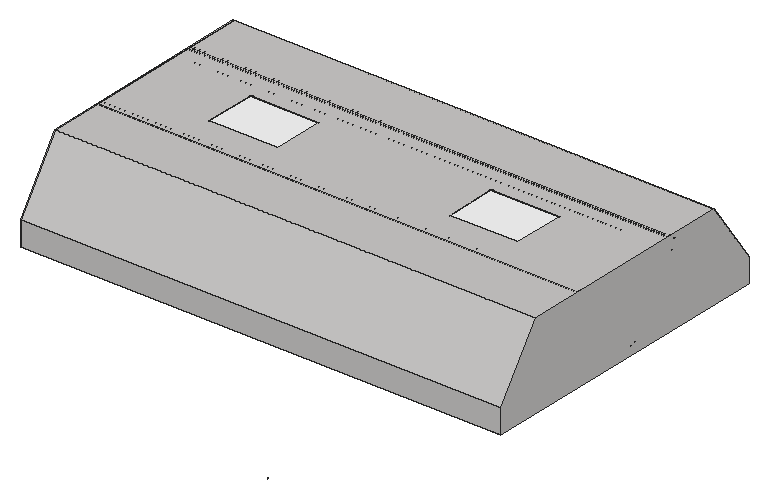
Revit family "QF_ELECTROLUXPROFESSIONAL_642360_BC1828DT", category Specialty Equipment, Revit 2014
Reference planes
  plane 1: z = 0
  plane 2 "Center (Left/Right)": x = 150
  plane 3 "LEFT": x = -1250
  plane 4 "RIGHT": x = 1550
  plane 5 "BACK": y = 550
  plane 6 "TOP": z = 2500
  plane 7 "Base": z = 2000
  plane 8: z = 1946
  plane 9: x = -1247
  plane 10 "DrainX": x = 1399
  plane 11 "AOLeft2": x = -350
  plane 12 "AORight1": x = 650
  plane 13: x = 1547
  plane 14: x = -1050
  plane 15: x = 1350
  plane 16: x = 50
  plane 17: x = 250
  plane 18 "AOLeft1": x = -750
  plane 19 "AORight2": x = 1050
  plane 20: y = -200
  plane 21: y = -500
  plane 22 "Center (Front/Back)": y = -350
  plane 23: y = -1250
  plane 24: through (0, -401.379, 2046.209) normal (0, 0.8019, 0.5974)
  plane 25: through (0, -298.621, 2046.209) normal (0, 0.8019, -0.5974)
  plane 26: z = 2140
Forms (mm)
  Extrusion 1, solid, material "QF_Finishes_Stainless Steel"
    sketch origin (-1250, 0, 360) x (0, 1, 0) y (0, 0, 1)
      loop
        line (550, 1640) -> (550, 1780) -> (299.446, 2140) -> (-999.446, 2140) -> (-1250, 1780) -> (-1250, 1640) -> (550, 1640)
    from 0 to 3
  Extrusion 2, solid, material "QF_Finishes_Stainless Steel"
    sketch origin (1550, 0, 360) x (0, 1, 0) y (0, 0, 1)
      loop
        line (550, 1640) -> (550, 1780) -> (299.446, 2140) -> (-999.446, 2140) -> (-1250, 1780) -> (-1250, 1640) -> (550, 1640)
    from 0 to -3
  Extrusion 3, solid, material "QF_Finishes_Stainless Steel"
    sketch origin (150, 0, 360) x (0, 1, 0) y (0, 0, 1)
      loop
        line (-999.446, 2140) -> (-1250, 1780) -> (-1250, 1640) -> (-1240, 1640) -> (-1240, 1640.8) -> (-1249.2, 1640.8) -> (-1249.2, 1779.739) -> (-999.025, 2139.19) -> (299.025, 2139.19) -> (549.2, 1779.739) -> (549.2, 1640.8) -> (540, 1640.8) -> (540, 1640) -> (550, 1640) -> (550, 1780) -> (299.446, 2140) -> (-999.446, 2140)
    from -1400 to 1400
  Extrusion 4, void
    sketch origin (0, 0, 2500) x (0, 1, 0) y (-1, 0, 0)
      loop
        line (-200, 350) -> (-200, 750) -> (-500, 750) -> (-500, 350) -> (-200, 350)
    from 0 to -10
  Extrusion 5, solid, material "QF_Finishes_Stainless Steel"
    sketch origin (0, 0, 0) x (1, 0, 0) y (0, 1, 0)
      loop
        line (-1250, 550) -> (-1250, 549) -> (-1249, 549) -> (-1249, 550) -> (-1250, 550)
    from 0 to 1
  Extrusion 6, solid, material "QF_Finishes_Stainless Steel"
    sketch origin (150, -400, 360) x (0, 1, 0) y (0, 0, 1)
      loop
        line (-298.883, 2085.553) -> (-1.379, 1686.209) -> (14.66, 1698.157) -> (-282.844, 2097.501) -> (-298.883, 2085.553)
      loop
        line (398.883, 2085.553) -> (382.844, 2097.501) -> (85.34, 1698.157) -> (101.379, 1686.209) -> (398.883, 2085.553)
    from -1200 to -1397
  Extrusion 7, solid, material "QF_Finishes_Stainless Steel"
    sketch origin (150, -400, 360) x (0, 1, 0) y (0, 0, 1)
      loop
        arc (116.056, 1704.554) -> (115.455, 1704.706) -> (114.923, 1704.389) r 0.81
        line (114.923, 1704.389) -> (100.465, 1684.991) -> (83.389, 1687.002) -> (86.391, 1712.615) -> (85.593, 1712.708) -> (82.594, 1687.095)
        arc (82.594, 1687.095) -> (82.763, 1686.499) -> (83.305, 1686.197) r 0.81
        line (83.305, 1686.197) -> (100.372, 1684.196)
        arc (100.372, 1684.196) -> (100.787, 1684.257) -> (101.116, 1684.517) r 0.81
        line (101.116, 1684.517) -> (115.564, 1703.911) -> (126.308, 1695.919) -> (100.145, 1660.79) -> (-0.145, 1660.79) -> (-26.308, 1695.919) -> (-15.564, 1703.911) -> (-1.116, 1684.517)
        arc (-1.116, 1684.517) -> (-0.787, 1684.257) -> (-0.372, 1684.196) r 0.81
        line (-0.372, 1684.196) -> (16.695, 1686.197)
        arc (16.695, 1686.197) -> (17.237, 1686.499) -> (17.406, 1687.095) r 0.81
        line (17.406, 1687.095) -> (14.407, 1712.708) -> (13.609, 1712.615) -> (16.611, 1687.002) -> (-0.465, 1684.991) -> (-14.923, 1704.389)
        arc (-14.923, 1704.389) -> (-15.455, 1704.706) -> (-16.056, 1704.554) r 0.81
        line (-16.056, 1704.554) -> (-26.786, 1696.561)
        arc (-26.786, 1696.561) -> (-27.103, 1696.028) -> (-26.951, 1695.427) r 0.81
        line (-26.951, 1695.427) -> (-0.843, 1660.381)
        arc (-0.843, 1660.381) -> (-0.5, 1660.093) -> (-0.063, 1659.99) r 0.972
        line (-0.063, 1659.99) -> (100.049, 1659.99)
        arc (100.049, 1659.99) -> (100.498, 1660.096) -> (100.851, 1660.393) r 1
        line (100.851, 1660.393) -> (126.951, 1695.427)
        arc (126.951, 1695.427) -> (127.103, 1696.028) -> (126.786, 1696.561) r 0.81
        line (126.786, 1696.561) -> (116.056, 1704.554)
      loop
        line (-292.735, 2139.19) -> (-292.735, 2129.205) -> (-317.587, 2110.686)
        arc (-317.587, 2110.686) -> (-317.904, 2110.153) -> (-317.752, 2109.552) r 0.81
        line (-317.752, 2109.552) -> (-284.894, 2065.446) -> (-295.625, 2057.438) -> (-295.147, 2056.796) -> (-284.418, 2064.79)
        arc (-284.418, 2064.79) -> (-284.1, 2065.322) -> (-284.252, 2065.923) r 0.81
        line (-284.252, 2065.923) -> (-317.117, 2110.038) -> (-291.935, 2128.798) -> (-291.935, 2138.4) -> (-262.776, 2138.4) -> (-262.776, 2070.563) -> (-261.976, 2069.49) -> (-261.976, 2139.19) -> (-292.735, 2139.19)
      loop
        line (392.735, 2139.19) -> (361.976, 2139.19) -> (361.976, 2069.49) -> (362.776, 2070.563) -> (362.776, 2138.4) -> (391.935, 2138.4) -> (391.935, 2128.798) -> (417.117, 2110.038) -> (384.252, 2065.923)
        arc (384.252, 2065.923) -> (384.1, 2065.322) -> (384.418, 2064.79) r 0.81
        line (384.418, 2064.79) -> (395.147, 2056.796) -> (395.625, 2057.438) -> (384.894, 2065.446) -> (417.752, 2109.552)
        arc (417.752, 2109.552) -> (417.904, 2110.153) -> (417.587, 2110.686) r 0.81
        line (417.587, 2110.686) -> (392.735, 2129.205) -> (392.735, 2139.19)
    from -1397 to 1397
  Extrusion 8, solid, material "QF_Finishes_Stainless Steel"
    sketch origin (150, -400, 360) x (0, 1, 0) y (0, 0, 1)
      loop
        line (-298.883, 2085.553) -> (-1.379, 1686.209) -> (14.66, 1698.157) -> (-282.844, 2097.501) -> (-298.883, 2085.553)
      loop
        line (398.883, 2085.553) -> (382.844, 2097.501) -> (85.34, 1698.157) -> (101.379, 1686.209) -> (398.883, 2085.553)
    from 1397 to 1200
  Extrusion 9, solid, material "QF_Finishes_Stainless Steel"
    sketch origin (150, -400, 360) x (0, 1, 0) y (0, 0, 1)
      loop
        line (-298.883, 2085.553) -> (-1.379, 1686.209) -> (14.66, 1698.157) -> (-282.844, 2097.501) -> (-298.883, 2085.553)
      loop
        line (398.883, 2085.553) -> (382.844, 2097.501) -> (85.34, 1698.157) -> (101.379, 1686.209) -> (398.883, 2085.553)
    from -100 to 100
  Extrusion 10, solid, material "QF_Finished_Chrome"
    sketch origin (150, -400, 360) x (0, 1, 0) y (0, 0, 1)
      loop
        line (-298.883, 2085.553) -> (-1.379, 1686.209) -> (14.66, 1698.157) -> (-282.844, 2097.501) -> (-298.883, 2085.553)
      loop
        line (398.883, 2085.553) -> (382.844, 2097.501) -> (85.34, 1698.157) -> (101.379, 1686.209) -> (398.883, 2085.553)
    from -1200 to -100
  Extrusion 11, solid, material "QF_Finished_Chrome"
    sketch origin (150, -400, 360) x (0, 1, 0) y (0, 0, 1)
      loop
        line (-298.883, 2085.553) -> (-1.379, 1686.209) -> (14.66, 1698.157) -> (-282.844, 2097.501) -> (-298.883, 2085.553)
      loop
        line (398.883, 2085.553) -> (382.844, 2097.501) -> (85.34, 1698.157) -> (101.379, 1686.209) -> (398.883, 2085.553)
    from 100 to 1200
  Sweep 12, solid, material "QF_Finishes_Stainless Steel"
    path origin (0, 0, 0) x (1, 0, 0) y (0, 1, 0)
      loop
        line (1550, 550) -> (-1250, 550) -> (-1250, -1250) -> (1550, -1250) -> (1550, 550)
    profile origin (1550, -350, 0) x (1, 0, 0) y (0, 0, 1)
      loop
        line (-3, 2000) -> (-3, 2000.8) -> (-19, 2000.8) -> (-19, 2010) -> (-20, 2010) -> (-20, 2000) -> (-3, 2000)
  Extrusion 13, void
    sketch origin (0, 0, 2500) x (0, 1, 0) y (-1, 0, 0)
      loop
        line (-200, -1050) -> (-200, -650) -> (-500, -650) -> (-500, -1050) -> (-200, -1050)
    from 0 to -10
  Extrusion 14, solid, material "QF_Finishes_Stainless Steel"
    sketch origin (1399, 0, 0) x (0, 1, 0) y (0, 0, 1)
      loop
        arc (-318.5, 1946) -> (-311.429, 1948.929) -> (-308.5, 1956) r 10
        line (-308.5, 1956) -> (-308.5, 2000.8) -> (-391.5, 2000.8) -> (-391.5, 1956)
        arc (-391.5, 1956) -> (-388.571, 1948.929) -> (-381.5, 1946) r 10
        line (-381.5, 1946) -> (-318.5, 1946)
    from -90 to 90
  Extrusion 15, solid, material "QF_Finishes_Stainless Steel"
    sketch origin (0, -1100, 2000) x (0, 1, 0) y (-1, 0, 0)
      loop
        circle (750, -1399) r 6.35
    from -3.799 to 0
Cuts and joins
  Extrusion 4, Extrusion 13 cuts Extrusion 3
  joined: Extrusion 2, Extrusion 3, Sweep 12
Lines and regions (mm)
  symbolic lines, style "SpecialityEquipment", detail levels coarse
    curve 1: line (1550, 550, 2500) -> (-1250, 550, 2500)
    curve 2: line (-1250, 550, 2500) -> (-1250, -1250.8, 2500)
    curve 3: line (1550, -1250.8, 2500) -> (1550, 550, 2500)
    curve 4: line (-1250, 299.446, 0) -> (1550, -999.446, 0)
    curve 5: line (1550, 299.446, 0) -> (-1250.605, -999.446, 0)
  symbolic lines, detail levels coarse
    curve 6: line (-750, -500, 0) -> (-350, -500, 0)
    curve 7: line (-750, -200, 0) -> (-750, -500, 0)
    curve 8: line (-350, -200, 0) -> (-750, -200, 0)
    curve 9: line (-350, -500, 0) -> (-350, -200, 0)
    curve 10: line (650, -200, 0) -> (650, -500, 0)
    curve 11: line (1050, -200, 0) -> (650, -200, 0)
    curve 12: line (1050, -500, 0) -> (1050, -200, 0)
    curve 13: line (650, -500, 0) -> (1050, -500, 0)
    curve 14: line (-1250.605, -999.446, 0) -> (1550, -999.446, 0)
    curve 15: line (1550, 299.446, 0) -> (-1250, 299.446, 0)
    curve 16: line (-1250, -1250.8, 0) -> (1550, -1250.8, 0)
Dimensions and locks
  plane 3 "LEFT" to plane 4 "RIGHT" = 2800 mm
  equal spacing: plane 3 "LEFT", plane 2 "Center (Left/Right)", plane 4 "RIGHT"
  plane 3 "LEFT" to plane 9 = 3 mm
  plane 10 "DrainX" to plane 4 "RIGHT" = 151 mm
  plane 13 to plane 4 "RIGHT" = 3 mm
  plane 3 "LEFT" to plane 14 = 200 mm
  plane 15 to plane 4 "RIGHT" = 200 mm
  locked: plane 11 "AOLeft2" to plane 12 "AORight1" at 1000
  equal spacing: plane 11 "AOLeft2", plane 2 "Center (Left/Right)", plane 12 "AORight1"
  locked: plane 7 "Base" to level at 2000
  locked: plane 16 to plane 17 at 200
  equal spacing: plane 16, plane 2 "Center (Left/Right)", plane 17
  plane 18 "AOLeft1" to plane 11 "AOLeft2" = 400 mm
  plane 12 "AORight1" to plane 19 "AORight2" = 400 mm
  plane 7 "Base" to plane 8 = 54 mm
  locked: plane 6 "TOP" to plane 7 "Base" at 500
  plane 5 "BACK" to plane 23 = 1800 mm  (x2)
  equal spacing: plane 5 "BACK", plane 22 "Center (Front/Back)", plane 23
  plane 21 to plane 20 = 300 mm
  equal spacing: plane 21, plane 22 "Center (Front/Back)", plane 20
  plane 26 to plane 7 "Base" = 140 mm
  aligned and locked: level to plane 1
  aligned and locked: plane 4 "RIGHT" to Extrusion 3
  aligned and locked: Extrusion 3 to plane 3 "LEFT"
  aligned and locked: Extrusion 6 to plane 9
  aligned and locked: plane 14 to Extrusion 6
  aligned and locked: Extrusion 2 to plane 13
  aligned and locked: plane 13 to Extrusion 8
  aligned and locked: Extrusion 8 to plane 15
  aligned and locked: plane 17 to Extrusion 9
  aligned and locked: Extrusion 9 to plane 16
  aligned and locked: plane 16 to Extrusion 10
  aligned and locked: Extrusion 10 to plane 14
  aligned and locked: Extrusion 11 to plane 17
  aligned and locked: Extrusion 11 to plane 15
  aligned and locked: Extrusion 7 to plane 9
  aligned and locked: plane 13 to Extrusion 7
  aligned and locked: Extrusion 4 to plane 18 "AOLeft1"
  aligned and locked: Extrusion 4 to plane 11 "AOLeft2"
  aligned and locked: plane 12 "AORight1" to Extrusion 13
  aligned and locked: plane 19 "AORight2" to Extrusion 13
  aligned and locked: plane 21 to Extrusion 13
  aligned and locked: plane 21 to Extrusion 4
  aligned and locked: plane 20 to Extrusion 13
  aligned and locked: plane 20 to Extrusion 4
  aligned and locked: curve 6 to Extrusion 4
  aligned and locked: curve 7 to Extrusion 4
  aligned and locked: curve 8 to Extrusion 4
  aligned and locked: curve 9 to Extrusion 4
  aligned and locked: curve 10 to Extrusion 13
  aligned and locked: curve 11 to Extrusion 13
  aligned and locked: curve 12 to Extrusion 13
  aligned and locked: curve 13 to Extrusion 13
Automatic sketch dimensions
  curve 2 to plane 3 "LEFT" = 0 mm
  curve 3 to plane 4 "RIGHT" = 0 mm
  curve 2 to plane 5 "BACK" = 0 mm
  Extrusion 4 sketch curve to plane 11 "AOLeft2" = 0 mm
  Extrusion 4 sketch curve to plane 18 "AOLeft1" = 0 mm
  Extrusion 5 sketch curve to plane 3 "LEFT" = 0 mm
  Extrusion 5 sketch curve to plane 5 "BACK" = 0 mm
  plane 3 "LEFT" to Extrusion 5 sketch curve = 1 mm
  Extrusion 5 sketch curve to Extrusion 5 sketch curve = 1 mm
  Sweep 12 sketch curve to plane 3 "LEFT" = 0 mm
  Sweep 12 sketch curve to plane 4 "RIGHT" = 0 mm
  Sweep 12 sketch curve to plane 5 "BACK" = 0 mm
  profile plane to Sweep 12 sketch curve = 20 mm
  Sweep 12 sketch curve to Sweep 12 sketch curve = 1 mm
  profile plane to Sweep 12 sketch curve = 3 mm
  level to Sweep 12 sketch curve = 2000 mm
  Sweep 12 sketch curve to Sweep 12 sketch curve = 0.8 mm
  Sweep 12 sketch curve to Sweep 12 sketch curve = 9.2 mm
  Extrusion 13 sketch curve to plane 11 "AOLeft2" = 1400 mm
  plane 18 "AOLeft1" to Extrusion 13 sketch curve = 1400 mm
  Extrusion 13 sketch curve to Extrusion 13 sketch curve = 300 mm
  Extrusion 13 sketch curve to plane 20 = 0 mm
  plane 21 to curve 3 = 750.8 mm
  plane 21 to curve 2 = 750.8 mm
  plane 21 to Sweep 12 sketch curve = 750 mm
  plane 21 to Extrusion 4 sketch curve = 0 mm
  Extrusion 4 sketch curve to plane 20 = 0 mm
  Extrusion 15 sketch curve to plane 10 "DrainX" = 0 mm
  Extrusion 15 sketch curve to plane 22 "Center (Front/Back)" = 0 mm
  Extrusion 14 sketch curve to plane 8 = 0 mm
  plane 8 to Extrusion 14 sketch curve = 10 mm
  Extrusion 14 sketch curve to plane 22 "Center (Front/Back)" = 41.5 mm
  plane 22 "Center (Front/Back)" to Extrusion 14 sketch curve = 31.5 mm
  plane 7 "Base" to Extrusion 14 sketch curve = 0.8 mm
  plane 22 "Center (Front/Back)" to Extrusion 14 sketch curve = 41.5 mm
  plane 21 to Extrusion 6 sketch curve = 198.883 mm
  Extrusion 6 sketch curve to plane 6 "TOP" = 42.499 mm  (x2)
  Extrusion 6 sketch curve to Extrusion 6 sketch curve = 16.039 mm  (x2)
  Extrusion 6 sketch curve to plane 22 "Center (Front/Back)" = 51.379 mm
  plane 22 "Center (Front/Back)" to Extrusion 6 sketch curve = 35.34 mm
  plane 20 to Extrusion 6 sketch curve = 182.844 mm
  Extrusion 6 sketch curve to Extrusion 6 sketch curve = 11.948 mm  (x2)
  Extrusion 7 sketch curve to plane 6 "TOP" = 30.448 mm  (x2)
  plane 21 to Extrusion 7 sketch curve = 217.752 mm
  Extrusion 7 sketch curve to plane 6 "TOP" = 29.314 mm  (x2)
  Extrusion 7 sketch curve to Extrusion 7 sketch curve = 0.166 mm  (x3)
  Extrusion 7 sketch curve to plane 6 "TOP" = 29.962 mm  (x2)
  Extrusion 7 sketch curve to Extrusion 7 sketch curve = 0.47 mm  (x2)
  Extrusion 7 sketch curve to Extrusion 7 sketch curve = 0.014 mm  (x2)
  Extrusion 7 sketch curve to plane 6 "TOP" = 82.562 mm  (x2)
  Extrusion 7 sketch curve to Extrusion 7 sketch curve = 22.127 mm
  Extrusion 7 sketch curve to plane 6 "TOP" = 83.204 mm  (x2)
  Extrusion 7 sketch curve to Extrusion 7 sketch curve = 0.478 mm  (x5)
  Extrusion 7 sketch curve to plane 6 "TOP" = 0.81 mm  (x2)
  Extrusion 7 sketch curve to Extrusion 7 sketch curve = 24.852 mm
  Extrusion 7 sketch curve to Extrusion 7 sketch curve = 0.8 mm  (x5)
  Extrusion 7 sketch curve to Extrusion 7 sketch curve = 10.724 mm
  Extrusion 7 sketch curve to plane 6 "TOP" = 74.554 mm  (x2)
  Extrusion 7 sketch curve to Extrusion 7 sketch curve = 0.008 mm  (x6)
  Extrusion 7 sketch curve to plane 6 "TOP" = 75.21 mm  (x2)
  Extrusion 7 sketch curve to plane 6 "TOP" = 74.077 mm  (x2)
  Extrusion 7 sketch curve to Extrusion 7 sketch curve = 0.642 mm  (x2)
  Extrusion 7 sketch curve to plane 6 "TOP" = 69.437 mm  (x2)
  Extrusion 7 sketch curve to Extrusion 7 sketch curve = 21.476 mm  (x2)
  Extrusion 7 sketch curve to plane 21 = 73.049 mm
  Extrusion 7 sketch curve to Extrusion 7 sketch curve = 0.006 mm  (x4)
  Extrusion 7 sketch curve to Extrusion 7 sketch curve = 10.73 mm  (x3)
  Extrusion 7 sketch curve to Extrusion 7 sketch curve = 0.484 mm  (x4)
  Extrusion 7 sketch curve to Extrusion 7 sketch curve = 0.641 mm  (x2)
  Extrusion 7 sketch curve to Extrusion 7 sketch curve = 14.448 mm
  plane 7 "Base" to Extrusion 7 sketch curve = 20.381 mm
  Extrusion 7 sketch curve to Extrusion 7 sketch curve = 0.273 mm
  Extrusion 7 sketch curve to Extrusion 7 sketch curve = 0.65 mm  (x2)
  Extrusion 7 sketch curve to Extrusion 7 sketch curve = 0.001 mm  (x4)
  Extrusion 7 sketch curve to Extrusion 7 sketch curve = 0.093 mm  (x2)
  plane 7 "Base" to Extrusion 7 sketch curve = 20.79 mm
  Extrusion 7 sketch curve to Extrusion 7 sketch curve = 0.698 mm
  Extrusion 7 sketch curve to Extrusion 7 sketch curve = 0.081 mm
  Extrusion 7 sketch curve to Extrusion 7 sketch curve = 28.531 mm
  Extrusion 7 sketch curve to Extrusion 7 sketch curve = 0.799 mm  (x2)
  Extrusion 7 sketch curve to Extrusion 7 sketch curve = 17.067 mm  (x2)
  Extrusion 7 sketch curve to Extrusion 7 sketch curve = 0.01 mm  (x4)
  Extrusion 7 sketch curve to Extrusion 7 sketch curve = 0.094 mm
  Extrusion 7 sketch curve to Extrusion 7 sketch curve = 0.795 mm  (x2)
  plane 22 "Center (Front/Back)" to Extrusion 7 sketch curve = 32.594 mm
  Extrusion 7 sketch curve to Extrusion 7 sketch curve = 0.71 mm
  Extrusion 7 sketch curve to Extrusion 7 sketch curve = 2.998 mm
  Extrusion 7 sketch curve to Extrusion 7 sketch curve = 16.745 mm
  Extrusion 7 sketch curve to Extrusion 7 sketch curve = 0.095 mm
  plane 7 "Base" to Extrusion 7 sketch curve = 20.393 mm
  Extrusion 7 sketch curve to Extrusion 7 sketch curve = 0.707 mm
  Extrusion 7 sketch curve to Extrusion 7 sketch curve = 0.651 mm
  Extrusion 7 sketch curve to Extrusion 7 sketch curve = 14.456 mm
  Extrusion 7 sketch curve to plane 6 "TOP" = 70.51 mm  (x2)
  plane 20 to Extrusion 7 sketch curve = 161.976 mm
  Extrusion 7 sketch curve to plane 6 "TOP" = 1.6 mm
  Extrusion 7 sketch curve to Extrusion 7 sketch curve = 29.159 mm
  Extrusion 7 sketch curve to Extrusion 7 sketch curve = 24.368 mm
  Extrusion 7 sketch curve to Extrusion 7 sketch curve = 0.636 mm
  Extrusion 7 sketch curve to Extrusion 7 sketch curve = 23.206 mm
  Extrusion 7 sketch curve to Extrusion 7 sketch curve = 23.234 mm
  Extrusion 7 sketch curve to Extrusion 7 sketch curve = 0.321 mm  (x2)
  Extrusion 7 sketch curve to Extrusion 7 sketch curve = 2.001 mm  (x2)
  Extrusion 7 sketch curve to Extrusion 7 sketch curve = 0.804 mm  (x2)
  Extrusion 7 sketch curve to Extrusion 7 sketch curve = 10.911 mm  (x2)
  Extrusion 7 sketch curve to Extrusion 7 sketch curve = 7.993 mm  (x2)
  Extrusion 7 sketch curve to Extrusion 7 sketch curve = 25.613 mm  (x2)
  Extrusion 7 sketch curve to Extrusion 7 sketch curve = 0.407 mm  (x2)
  Extrusion 7 sketch curve to Extrusion 7 sketch curve = 0.79 mm
  Extrusion 3 sketch curve to plane 7 "Base" = 0 mm  (x2)
  Extrusion 3 sketch curve to plane 23 = 0 mm
  Extrusion 3 sketch curve to plane 5 "BACK" = 0 mm
  plane 23 to Extrusion 3 sketch curve = 0.8 mm
  plane 7 "Base" to Extrusion 3 sketch curve = 0.8 mm  (x2)
  Extrusion 3 sketch curve to Extrusion 3 sketch curve = 9.2 mm
  plane 23 to Extrusion 3 sketch curve = 250.554 mm
  Extrusion 3 sketch curve to Extrusion 3 sketch curve = 0.421 mm  (x2)
  Extrusion 3 sketch curve to plane 6 "TOP" = 0.81 mm
  Extrusion 3 sketch curve to plane 5 "BACK" = 250.975 mm
  Extrusion 3 sketch curve to plane 5 "BACK" = 10 mm
  Extrusion 3 sketch curve to plane 5 "BACK" = 0.8 mm
  Extrusion 3 sketch curve to Extrusion 3 sketch curve = 138.939 mm  (x2)
  Extrusion 3 sketch curve to Extrusion 3 sketch curve = 0.261 mm  (x2)
  Extrusion 3 sketch curve to plane 6 "TOP" = 0 mm
  Extrusion 1 sketch curve to plane 7 "Base" = 0 mm
  Extrusion 1 sketch curve to plane 23 = 0 mm
  Extrusion 1 sketch curve to plane 6 "TOP" = 0 mm
  Extrusion 1 sketch curve to plane 5 "BACK" = 0 mm
  Extrusion 1 sketch curve to plane 5 "BACK" = 250.554 mm
  plane 7 "Base" to Extrusion 1 sketch curve = 140 mm
  Extrusion 1 sketch curve to Extrusion 1 sketch curve = 140 mm
  plane 23 to Extrusion 1 sketch curve = 250.554 mm
  plane 21 to Extrusion 10 sketch curve = 198.883 mm
  Extrusion 10 sketch curve to plane 6 "TOP" = 42.499 mm  (x2)
  Extrusion 10 sketch curve to Extrusion 10 sketch curve = 16.039 mm  (x2)
  Extrusion 10 sketch curve to plane 22 "Center (Front/Back)" = 51.379 mm
  plane 22 "Center (Front/Back)" to Extrusion 10 sketch curve = 35.34 mm
  plane 20 to Extrusion 10 sketch curve = 182.844 mm
  Extrusion 10 sketch curve to Extrusion 10 sketch curve = 11.948 mm  (x2)
  plane 21 to Extrusion 9 sketch curve = 198.883 mm
  Extrusion 9 sketch curve to plane 6 "TOP" = 42.499 mm  (x2)
  Extrusion 9 sketch curve to Extrusion 9 sketch curve = 16.039 mm  (x2)
  Extrusion 9 sketch curve to plane 22 "Center (Front/Back)" = 51.379 mm
  plane 22 "Center (Front/Back)" to Extrusion 9 sketch curve = 35.34 mm
  plane 20 to Extrusion 9 sketch curve = 182.844 mm
  Extrusion 9 sketch curve to Extrusion 9 sketch curve = 11.948 mm  (x2)
  plane 21 to Extrusion 11 sketch curve = 198.883 mm
  Extrusion 11 sketch curve to plane 6 "TOP" = 42.499 mm  (x2)
  Extrusion 11 sketch curve to Extrusion 11 sketch curve = 16.039 mm  (x2)
  Extrusion 11 sketch curve to plane 22 "Center (Front/Back)" = 51.379 mm
  plane 22 "Center (Front/Back)" to Extrusion 11 sketch curve = 35.34 mm
  plane 20 to Extrusion 11 sketch curve = 182.844 mm
  Extrusion 11 sketch curve to Extrusion 11 sketch curve = 11.948 mm  (x2)
  plane 21 to Extrusion 8 sketch curve = 198.883 mm
  Extrusion 8 sketch curve to plane 6 "TOP" = 42.499 mm  (x2)
  Extrusion 8 sketch curve to Extrusion 8 sketch curve = 16.039 mm  (x2)
  Extrusion 8 sketch curve to plane 22 "Center (Front/Back)" = 51.379 mm
  plane 22 "Center (Front/Back)" to Extrusion 8 sketch curve = 35.34 mm
  plane 20 to Extrusion 8 sketch curve = 182.844 mm
  Extrusion 8 sketch curve to Extrusion 8 sketch curve = 11.948 mm  (x2)
  Extrusion 2 sketch curve to plane 7 "Base" = 0 mm
  Extrusion 2 sketch curve to plane 23 = 0 mm
  Extrusion 2 sketch curve to plane 6 "TOP" = 0 mm
  Extrusion 2 sketch curve to plane 5 "BACK" = 0 mm
  Extrusion 2 sketch curve to plane 26 = 0 mm  (x2)
  Extrusion 2 sketch curve to plane 5 "BACK" = 250.554 mm
  plane 23 to Extrusion 2 sketch curve = 250.554 mm
  curve 15 to plane 3 "LEFT" = 0 mm
  curve 16 to plane 3 "LEFT" = 0 mm
  curve 14 to plane 4 "RIGHT" = 0 mm
  curve 15 to plane 4 "RIGHT" = 0 mm
  curve 16 to plane 4 "RIGHT" = 0 mm
  curve 14 to plane 3 "LEFT" = 0.605 mm
  plane 23 to curve 14 = 250.554 mm
  curve 15 to plane 5 "BACK" = 250.554 mm
  curve 16 to plane 23 = 0.8 mm
  radius of Extrusion 15 sketch curve = 6.35 mm
Connectors
  hvac at (-550, -350, 2500)
    settings: on Extrusion 4, index 2, duct flow 0.0 L/s, flow factor 0, pres drop 0.0 Pa, loss coef 0, conn angle 0.00°, conn width 300 mm, conn height 400 mm, conn diameter 609.6 mm, duct sys type 3, conn prof type 1, flow config 1, flow direction 2, loss method 0, conn ref index -1, conn util no, is conn primary yes, conn desc "EXHAUST OUTLET"
  hvac at (850, -350, 2500)
    settings: on Extrusion 13, index 3, duct flow 0.0 L/s, flow factor 0, pres drop 0.0 Pa, loss coef 0, conn angle 0.00°, conn width 300 mm, conn height 400 mm, conn diameter 609.6 mm, duct sys type 3, conn prof type 1, flow config 1, flow direction 2, loss method 0, conn ref index -1, conn util no, is conn primary no, conn desc "EXHAUST OUTLET"
  piping at (1399, -350, 1996.201), diameter 12.7
    settings: on Extrusion 15, index 4, connector inside diameter 609.6 mm, connector length 0 mm, flow factor 0, pipe flow 0.0 L/s, pressure drop 0.0 Pa, fitting loss kfactor 0, connector angle 0.00°, fixture units 0, engagement length 0 mm, angle of deflection 0.00°, flow configuration 1, flow direction 2, fitting loss method 0, system type 16, joint type 0, gender type 0, connector reference index -1, connector utility 0, adjustable connector no, is connector primary yes, connector description "Drain"
